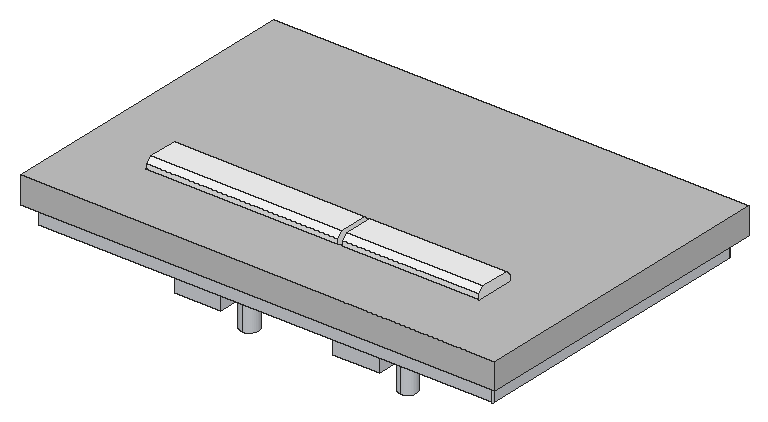
Revit family "Reece_Toilet_Geberit_Sigma50_Flush Button", category Plumbing Fixtures, host Face, Revit 2018
Family settings
  Host = Face
  Round Connector Dimension = Use Diameter
  Part Type = Normal
  Cut with Voids When Loaded = No
  Shared = Yes
  Room Calculation Point = Yes
Parameters (values of type "164 mm x 246 mm_Metal_Brushed Stainless Steel")
  Waste Connection = no
  WFU = 0  # constant formula
  Vent Connection = no
  URL = "https://www.reece.com.au/product/-9509308"
  Type Comments = "Cistern Buttons\r\n"
  Reece_Product_Web Page = "https://www.reece.com.au/product/-9509308"
  Reece_Product_Type = "Cistern Buttons\r\n"  # constant formula
  Reece_Product_Sub Brand = "Sigma50\r\n"  # constant formula
  Reece_Product_Number = "9509308"
  Reece_Product_Mount = "Wall Mounted"
  Reece_Product_Description = "Geberit Sigma50 Dual Flush Plate Brushed Stainless Steel"
  Reece_Product_Brand = "Geberit\r\n"  # constant formula
  Reece_Plate Colour = not(Reece_No Colour)  # no
  Reece_Overall_Width = 246 mm  # constant formula
  Reece_Overall_Height = 164 mm  # constant formula
  Reece_No Colour = yes
  Reece_Material_Secondary = Reece_Brass_Chrome
  Reece_Material_Main = Reece_Brass_Brushed Stainless Steel
  Reece_Material_Colour = Reece_Brass_Brushed Stainless Steel
  Reece_Detail_Shape = ""
  Reece_Detail_Disclaimer = "THIS FILE IS THE PROPERTY OF THE REECE GROUP. IT MAY NOT BE REPRODUCED, REVERSE-ENGINEERED OR MODIFIED. ANY REPUBLICATION, TRANSMISSION OR DISTRIBUTION FOR THE PURPOSE OF COMMERCIALLY EXPLOITING THE FILES IS PROHIBITED."  # constant formula
  Reece_Detail_Additional = "Cistern Button / Plate\r\n"  # constant formula
  Model = "Sigma50\r\n"
  Manufacturer = "Geberit\r\n"
  Keynote = "Product #9509308, Reece_Toilet_Geberit_Sigma50_Flush Button - 164 mm x 246 mm_Metal_Brushed Stainless Steel"
  HWFU = 0  # constant formula
  HW Connection = no
  Disclaimer = "THIS FILE IS THE PROPERTY OF THE REECE GROUP. IT MAY NOT BE REPRODUCED, REVERSE-ENGINEERED OR MODIFIED. ANY REPUBLICATION, TRANSMISSION OR DISTRIBUTION FOR THE PURPOSE OF COMMERCIALLY EXPLOITING THE FILES IS PROHIBITED."  # constant formula
  Description = "Dual Flush Plate Brushed Stainless Steel"
  Default Elevation = 1000 mm
  CWFU = 0  # constant formula
  CW Connection = no
Types (2, lengths in mm): name | URL | Reece_Product_Web Page | Reece_Product_Number | Reece_Product_Description | Reece_Material_Main | Reece_Material_Colour | Keynote | Description
  164 mm x 246 mm_Metal_Chrome | "https://www.reece.com.au/product/-9509307" | "https://www.reece.com.au/product/-9509307" | "9509307" | "Geberit Sigma50 Dual Flush Plate Chrome" | Reece_Brass_Chrome | Reece_Brass_Chrome | "Product #9509307, Reece_Toilet_Geberit_Sigma50_Flush Button - 164 mm x 246 mm_Metal_Chrome" | "Dual Flush Plate Chrome"
  164 mm x 246 mm_Metal_Brushed Stainless Steel | "https://www.reece.com.au/product/-9509308" | "https://www.reece.com.au/product/-9509308" | "9509308" | "Geberit Sigma50 Dual Flush Plate Brushed Stainless Steel" | Reece_Brass_Brushed Stainless Steel | Reece_Brass_Brushed Stainless Steel | "Product #9509308, Reece_Toilet_Geberit_Sigma50_Flush Button - 164 mm x 246 mm_Metal_Brushed Stainless Steel" | "Dual Flush Plate Brushed Stainless Steel"
Reference planes
  plane 1 "Center (Front/Back)": y = 0
  plane 2 "Bottom": z = 0
  plane 3 "Center (Left/Right)": x = 0
  plane 4 "Top": z = 13.6
  plane 5: x = -120
  plane 6: x = 126
  plane 7: y = 78
  plane 8: y = -86
  plane 9: z = -48.403
  plane 10: x = -115
  plane 11: x = 121
  plane 12: y = -81
  plane 13: y = 73
  plane 14: x = -83
  plane 15: x = 89
  plane 16: z = 28.6
  plane 17: z = 18.6
  plane 18: y = -30
  plane 19: y = -50
  plane 20: x = 15.549
  plane 21: x = 18.5
  plane 22: y = -40
  plane 23: z = 6.8
  plane 24: x = -38
  plane 25: x = 44
Forms (mm)
  Extrusion 1, solid, material "Reece_Brass_Brushed Stainless Steel" <- "Reece_Material_Main"
    sketch origin (0, 0, 0) x (1, 0, 0) y (0, 1, 0)
      loop
        line (-115, -81) -> (121, -81) -> (121, 73) -> (-115, 73) -> (-115, -81)
    from 11.6 to 13.6
  Extrusion 2, void
    sketch origin (0, -1, 0) x (1, 0, 0) y (0, 1, 0)
      loop
        arc (-114.2, 74) -> (-114.766, 73.766) -> (-115, 73.2) r 0.8
        line (-115, 73.2) -> (-115, -79.2)
        arc (-115, -79.2) -> (-114.766, -79.766) -> (-114.2, -80) r 0.8
        line (-114.2, -80) -> (120.2, -80)
        arc (120.2, -80) -> (120.766, -79.766) -> (121, -79.2) r 0.8
        line (121, -79.2) -> (121, 73.2)
        arc (121, 73.2) -> (120.766, 73.766) -> (120.2, 74) r 0.8
        line (120.2, 74) -> (-114.2, 74)
    from 5.484 to -94.2
  Extrusion 3, void
    sketch origin (4, 0, -94.673) x (1, 0, 0) y (0, 1, 0)
      loop
        arc (-118.2, 73) -> (-118.766, 72.766) -> (-119, 72.2) r 0.8
        line (-119, 72.2) -> (-119, -80.2)
        arc (-119, -80.2) -> (-118.766, -80.766) -> (-118.2, -81) r 0.8
        line (-118.2, -81) -> (116.2, -81)
        arc (116.2, -81) -> (116.766, -80.766) -> (117, -80.2) r 0.8
        line (117, -80.2) -> (117, 72.2)
        arc (117, 72.2) -> (116.766, 72.766) -> (116.2, 73) r 0.8
        line (116.2, 73) -> (-118.2, 73)
    from 94.673 to 46.27
  Extrusion 4, void
    sketch origin (0, 0, 0) x (1, 0, 0) y (0, 1, 0)
      loop
        line (89.5, -29.5) -> (-83.5, -29.5) -> (-83.5, -50.5) -> (89.5, -50.5) -> (89.5, -29.5)
    from 9.449 to 13.6
  Revolve 5, solid
    sketch origin (-38, 77.2, 1219.2) x (0, 1, 0) y (0, 0, 1)
      loop
        line (-117.2, -1212.4) -> (-117.2, -1267.603) -> (-112.56, -1267.603) -> (-112.56, -1231.405) -> (-110.543, -1231.405) -> (-110.543, -1216.405) -> (-108.525, -1216.405) -> (-114.245, -1212.4) -> (-117.2, -1212.4)
      axis (-117.2, -1212.4) -> (-117.2, -1267.603)
    angle from 0 to 360
  Extrusion 6, solid
    sketch origin (0, 0, 0) x (1, 0, 0) y (0, 1, 0)
      loop
        line (120.2, 73) -> (-114.2, 73)
        arc (-114.2, 73) -> (-114.766, 72.766) -> (-115, 72.2) r 0.8
        line (-115, 72.2) -> (-115, -80.2)
        arc (-115, -80.2) -> (-114.766, -80.766) -> (-114.2, -81) r 0.8
        line (-114.2, -81) -> (120.2, -81)
        arc (120.2, -81) -> (120.766, -80.766) -> (121, -80.2) r 0.8
        line (121, -80.2) -> (121, 72.2)
        arc (121, 72.2) -> (120.766, 72.766) -> (120.2, 73) r 0.8
      loop
        line (104, 58) -> (-98, 58)
        arc (-98, 58) -> (-99.414, 57.414) -> (-100, 56) r 2
        line (-100, 56) -> (-100, -64)
        arc (-100, -64) -> (-99.414, -65.414) -> (-98, -66) r 2
        line (-98, -66) -> (104, -66)
        arc (104, -66) -> (105.414, -65.414) -> (106, -64) r 2
        line (106, -64) -> (106, 56)
        arc (106, 56) -> (105.414, 57.414) -> (104, 58) r 2
    from -9.6 to 0
  Extrusion 7, solid
    sketch origin (0, 0, 0) x (0, 1, 0) y (0, 0, 1)
      loop
        line (63, -9.6) -> (57.124, -15.476) -> (48.876, -15.476) -> (45.461, -12.061) -> (30.539, -12.061) -> (28, -14.6) -> (-34.756, -16.655) -> (-62.016, -16.655) -> (-69.071, -9.6) -> (-73.334, -9.6) -> (-73.334, -22.061) -> (65.424, -22.061) -> (65.424, -9.6) -> (63, -9.6)
    from -50 to -48.021
  Extrusion 8, solid
    sketch origin (-76, 0, 0) x (0, 1, 0) y (0, 0, -1)
      loop
        line (63, 9.6) -> (65.424, 9.6) -> (65.424, 22.061) -> (-73.334, 22.061) -> (-73.334, 9.6) -> (-69.071, 9.6) -> (-62.016, 16.655) -> (-34.756, 16.655) -> (28, 14.6) -> (30.539, 12.061) -> (45.461, 12.061) -> (48.876, 15.476) -> (57.124, 15.476) -> (63, 9.6)
    from -50 to -48.021
  Extrusion 9, solid
    sketch origin (0, 0, 0) x (0, 1, 0) y (0, 0, 1)
      loop
        line (-28.648, -19.861) -> (-58.81, -19.861) -> (-69.071, -9.6) -> (-73.334, -9.6) -> (-73.334, -22.061) -> (65.424, -22.061) -> (65.424, -9.6) -> (63, -9.6) -> (55.494, -17.106) -> (-28.648, -19.861)
    from -48.021 to -27.979
  Extrusion 10, void
    sketch origin (0, 0, 0) x (1, 0, 0) y (0, 1, 0)
      loop
        circle (-38, -40) r 6.6
    from -22.061 to -19.861
  Extrusion 11, solid
    sketch origin (0, 0, 0) x (0, 1, 0) y (0, 0, 1)
      loop
        line (65.424, -22.061) -> (65.424, -9.6) -> (63, -9.6) -> (55.494, -17.106) -> (-28.648, -19.861) -> (-58.81, -19.861) -> (-69.071, -9.6) -> (-73.334, -9.6) -> (-73.334, -22.061) -> (65.424, -22.061)
    from 32 to 56
  Revolve 12, solid
    sketch origin (44, 77.2, 1219.2) x (0, 1, 0) y (0, 0, 1)
      loop
        line (-117.2, -1212.4) -> (-117.2, -1267.603) -> (-112.56, -1267.603) -> (-112.56, -1231.405) -> (-110.543, -1231.405) -> (-110.543, -1216.405) -> (-108.525, -1216.405) -> (-114.245, -1212.4) -> (-117.2, -1212.4)
      axis (-117.2, -1212.4) -> (-117.2, -1267.603)
    angle from 0 to 360
  Extrusion 13, void
    sketch origin (0, 0, 0) x (1, 0, 0) y (0, 1, 0)
      loop
        circle (44, -40) r 6.7
    from -22.061 to -19.861
  Extrusion 14, solid, material "Reece_Brass_Chrome" <- "Reece_Material_Secondary"
    sketch origin (0, 0, 0) x (0, 1, 0) y (0, 0, 1)
      loop
        line (-30, 9.449) -> (-30, 16.134) -> (-32.466, 18.6) -> (-47.506, 18.6) -> (-50, 16.106) -> (-50, 9.449) -> (-30, 9.449)
    from 18.5 to 89
  Extrusion 15, solid, material "Reece_Brass_Chrome" <- "Reece_Material_Secondary"
    sketch origin (-77.651, 0, 0) x (0, 1, 0) y (0, 0, 1)
      loop
        line (-30, 9.449) -> (-30, 16.134) -> (-32.466, 18.6) -> (-47.506, 18.6) -> (-50, 16.106) -> (-50, 9.449) -> (-30, 9.449)
    from -5.349 to 93.2
  Extrusion 16, solid
    sketch origin (0, 0, 0) x (1, 0, 0) y (0, 1, 0)
      loop
        line (-87.487, -50) -> (-87.487, -12.247)
        arc (-87.487, -12.247) -> (-86.923, -10.666) -> (-85.487, -9.798) r 2.5
        arc (-85.487, -9.798) -> (-77.487, 0) -> (-85.487, 9.798) r 10
        arc (-85.487, 9.798) -> (-86.923, 10.666) -> (-87.487, 12.247) r 2.5
        line (-87.487, 12.247) -> (-87.487, 58) -> (-98, 58)
        arc (-98, 58) -> (-99.414, 57.414) -> (-100, 56) r 2
        line (-100, 56) -> (-100, -64)
        arc (-100, -64) -> (-99.414, -65.414) -> (-98, -66) r 2
        line (-98, -66) -> (-71.467, -66) -> (-71.467, -58.458)
        arc (-71.467, -58.458) -> (-71.76, -57.751) -> (-72.467, -57.458) r 1
        line (-72.467, -57.458) -> (-79.967, -57.458) -> (-79.967, -56)
        arc (-79.967, -56) -> (-80.26, -55.293) -> (-80.967, -55) r 1
        line (-80.967, -55) -> (-82.467, -55)
        arc (-82.467, -55) -> (-84.234, -54.268) -> (-84.967, -52.5) r 2.5
        line (-84.967, -52.5) -> (-84.967, -51)
        arc (-84.967, -51) -> (-85.26, -50.293) -> (-85.967, -50) r 1
        line (-85.967, -50) -> (-87.487, -50)
      loop
        circle (-87.487, 0) r 7.5
      loop
        line (87.487, -50) -> (85.967, -50)
        arc (85.967, -50) -> (85.26, -50.293) -> (84.967, -51) r 1
        line (84.967, -51) -> (84.967, -52.5)
        arc (84.967, -52.5) -> (84.234, -54.268) -> (82.467, -55) r 2.5
        line (82.467, -55) -> (80.967, -55)
        arc (80.967, -55) -> (80.26, -55.293) -> (79.967, -56) r 1
        line (79.967, -56) -> (79.967, -57.458) -> (72.467, -57.458)
        arc (72.467, -57.458) -> (71.76, -57.751) -> (71.467, -58.458) r 1
        line (71.467, -58.458) -> (71.467, -66) -> (98, -66)
        arc (98, -66) -> (99.414, -65.414) -> (100, -64) r 2
        line (100, -64) -> (100, 56)
        arc (100, 56) -> (99.414, 57.414) -> (98, 58) r 2
        line (98, 58) -> (87.487, 58) -> (87.487, 12.247)
        arc (87.487, 12.247) -> (86.923, 10.666) -> (85.487, 9.798) r 2.5
        arc (85.487, 9.798) -> (77.487, 0) -> (85.487, -9.798) r 10
        arc (85.487, -9.798) -> (86.923, -10.666) -> (87.487, -12.247) r 2.5
        line (87.487, -12.247) -> (87.487, -50)
      loop
        circle (87.487, 0) r 7.5
    from -6.3 to -3.3
  Sweep 17, solid, material "Reece_Brass_Brushed Stainless Steel" <- "Reece_Material_Main"
    path origin (0, 0, 0) x (1, 0, 0) y (0, 1, 0)
      loop
        line (-120, 78) -> (-120, -86) -> (126, -86) -> (126, 78) -> (-120, 78)
    profile origin (-120, -4, 0) x (1, 0, 0) y (0, 0, 1)
      loop
        line (0, 0) -> (2, 0) -> (2, 11.6) -> (5, 11.6) -> (5, 13.6) -> (0, 13.6) -> (0, 0)
  Extrusion 18, solid, material "Reece_Brass_Brushed Stainless Steel" <- "Reece_Material_Colour", visible <- "Reece_Plate Colour"
    sketch origin (0, 0, 0) x (1, 0, 0) y (0, 1, 0)
      loop
        line (-118, -84) -> (124, -84) -> (124, 76) -> (-118, 76) -> (-118, -84)
      loop
        line (89.5, -29.5) -> (-83.5, -29.5) -> (-83.5, -50.5) -> (89.5, -50.5) -> (89.5, -29.5)
    from 0 to 11.6
Cuts and joins
  Extrusion 10 cuts Extrusion 9
  Extrusion 13 cuts Extrusion 11
  joined: Revolve 5, Extrusion 6, Extrusion 7, Extrusion 8, Extrusion 9, Extrusion 11, Revolve 12
  Extrusion 4 cuts Extrusion 1
  joined: Extrusion 1, Sweep 17
Text (mm)
  text "Reece Copyright © 2018, Reece Ltd." at (60.751, -237.255, 0), in view "Ref. Level"
  text "Reece ©" at (42.688, 193.041, 128.132), in view "Reece Preview"
Dimensions and locks
  locked: plane 11 to plane 6 at 5
  locked: plane 5 to plane 10 at 5
  locked: plane 7 to plane 13 at 5
  locked: plane 8 to plane 12 at 5
  "Reece_Overall_Width": plane 5 to plane 6
  "Reece_Overall_Height": plane 7 to plane 8
  plane 16 to plane 4 "Top" to plane 2 "Bottom" = 15 mm, 13.6 mm
  aligned and locked: plane 2 "Bottom" to host face
  aligned and locked: level to host face
  aligned and locked: Extrusion 3 to plane 9
  aligned and locked: level to Extrusion 3
  aligned and locked: Extrusion 9 to Extrusion 8
  aligned and locked: Extrusion 9 to Extrusion 7
  aligned and locked: Extrusion 7 to Extrusion 10
  aligned and locked: Extrusion 9 to Extrusion 10
  aligned and locked: plane 9 to Revolve 5
Automatic sketch dimensions
  host sketch curve to host sketch curve = 380.785 mm
  host sketch curve to host sketch curve = 317.421 mm
  Extrusion 2 sketch curve to plane 10 = 0 mm
  plane 12 to Extrusion 2 sketch curve = 0 mm
  Extrusion 2 sketch curve to plane 13 = 0 mm
  Extrusion 2 sketch curve to plane 11 = 0 mm
  Extrusion 2 sketch curve to plane 10 = 0.8 mm
  Extrusion 2 sketch curve to Extrusion 2 sketch curve = 0.8 mm
  Extrusion 2 sketch curve to plane 11 = 0.8 mm  (x2)
  Extrusion 3 sketch curve to plane 10 = 0 mm
  plane 12 to Extrusion 3 sketch curve = 0 mm
  Extrusion 3 sketch curve to plane 13 = 0 mm
  Extrusion 3 sketch curve to plane 11 = 0 mm
  Extrusion 3 sketch curve to plane 10 = 0.8 mm
  Extrusion 3 sketch curve to Extrusion 3 sketch curve = 0.8 mm
  Extrusion 3 sketch curve to plane 11 = 0.8 mm  (x2)
  Revolve 5 sketch curve to plane 22 = 0 mm  (x2)
  Revolve 5 sketch curve to plane 23 = 0 mm
  Revolve 5 sketch curve to plane 9 = 0 mm
  Revolve 5 sketch curve to plane 22 = 2.955 mm
  Revolve 5 sketch curve to plane 22 = 4.64 mm
  Revolve 5 sketch curve to Revolve 5 sketch curve = 2.018 mm
  plane 18 to Revolve 5 sketch curve = 1.325 mm
  Revolve 5 sketch curve to level = 12.205 mm
  level to Revolve 5 sketch curve = 2.795 mm
  Revolve 5 sketch curve to plane 9 = 210.6 mm
  plane 16 to Revolve 5 sketch curve = 2409.8 mm
  Extrusion 6 sketch curve to plane 10 = 0 mm
  plane 12 to Extrusion 6 sketch curve = 0 mm
  Extrusion 6 sketch curve to plane 13 = 0 mm
  Extrusion 6 sketch curve to plane 11 = 0 mm
  Extrusion 6 sketch curve to plane 10 = 0.8 mm
  Extrusion 6 sketch curve to Extrusion 6 sketch curve = 0.8 mm  (x2)
  Extrusion 6 sketch curve to plane 10 = 15 mm
  Extrusion 6 sketch curve to Extrusion 6 sketch curve = 2 mm  (x3)
  plane 15 to Extrusion 6 sketch curve = 15 mm  (x2)
  Extrusion 6 sketch curve to plane 11 = 0.8 mm
  Extrusion 6 sketch curve to plane 12 = 15 mm
  Extrusion 6 sketch curve to plane 13 = 17 mm
  Extrusion 7 sketch curve to plane 12 = 7.666 mm
  Extrusion 7 sketch curve to Extrusion 7 sketch curve = 4.263 mm
  Extrusion 7 sketch curve to Extrusion 7 sketch curve = 7.055 mm
  plane 18 to Extrusion 7 sketch curve = 4.756 mm
  Extrusion 7 sketch curve to plane 1 "Center (Front/Back)" = 28 mm
  Extrusion 7 sketch curve to level = 12.061 mm
  Extrusion 7 sketch curve to Extrusion 7 sketch curve = 2.539 mm  (x2)
  Extrusion 7 sketch curve to Extrusion 7 sketch curve = 14.922 mm
  Extrusion 7 sketch curve to Extrusion 7 sketch curve = 3.414 mm  (x2)
  Extrusion 7 sketch curve to Extrusion 7 sketch curve = 8.249 mm
  Extrusion 7 sketch curve to Extrusion 7 sketch curve = 5.876 mm  (x2)
  Extrusion 7 sketch curve to Extrusion 7 sketch curve = 2.424 mm
  Extrusion 7 sketch curve to level = 16.655 mm
  Extrusion 7 sketch curve to Extrusion 7 sketch curve = 6.586 mm
  Extrusion 7 sketch curve to level = 9.6 mm
  Extrusion 8 sketch curve to plane 12 = 7.666 mm
  Extrusion 8 sketch curve to Extrusion 8 sketch curve = 4.263 mm
  Extrusion 8 sketch curve to Extrusion 8 sketch curve = 7.055 mm  (x2)
  plane 18 to Extrusion 8 sketch curve = 4.756 mm
  Extrusion 8 sketch curve to plane 1 "Center (Front/Back)" = 28 mm
  Extrusion 8 sketch curve to level = 12.061 mm
  Extrusion 8 sketch curve to Extrusion 8 sketch curve = 2.539 mm  (x2)
  Extrusion 8 sketch curve to Extrusion 8 sketch curve = 14.922 mm
  Extrusion 8 sketch curve to Extrusion 8 sketch curve = 3.414 mm  (x2)
  Extrusion 8 sketch curve to Extrusion 8 sketch curve = 8.249 mm
  Extrusion 8 sketch curve to Extrusion 8 sketch curve = 5.876 mm
  Extrusion 8 sketch curve to Extrusion 8 sketch curve = 2.424 mm
  Extrusion 8 sketch curve to level = 9.6 mm  (x2)
  Extrusion 8 sketch curve to Extrusion 8 sketch curve = 6.586 mm
  Extrusion 9 sketch curve to plane 12 = 7.666 mm
  Extrusion 9 sketch curve to Extrusion 9 sketch curve = 4.263 mm
  plane 19 to Extrusion 9 sketch curve = 8.81 mm
  Extrusion 9 sketch curve to plane 18 = 1.352 mm
  Extrusion 9 sketch curve to plane 13 = 17.506 mm
  Extrusion 9 sketch curve to plane 13 = 10 mm
  Extrusion 9 sketch curve to plane 13 = 7.576 mm
  Extrusion 9 sketch curve to level = 22.061 mm
  Extrusion 9 sketch curve to Extrusion 9 sketch curve = 2.2 mm
  Extrusion 9 sketch curve to Extrusion 9 sketch curve = 4.955 mm
  Extrusion 9 sketch curve to level = 9.6 mm  (x2)
  plane 22 to Extrusion 10 sketch curve = 0 mm
  Extrusion 10 sketch curve to plane 24 = 0 mm
  Extrusion 11 sketch curve to plane 12 = 7.666 mm
  Extrusion 11 sketch curve to Extrusion 11 sketch curve = 4.263 mm
  plane 19 to Extrusion 11 sketch curve = 8.81 mm
  Extrusion 11 sketch curve to plane 18 = 1.352 mm
  Extrusion 11 sketch curve to plane 13 = 17.506 mm
  Extrusion 11 sketch curve to plane 13 = 10 mm
  Extrusion 11 sketch curve to plane 13 = 7.576 mm
  Extrusion 11 sketch curve to level = 22.061 mm
  Extrusion 11 sketch curve to level = 19.861 mm
  Extrusion 11 sketch curve to Extrusion 11 sketch curve = 4.955 mm
  Extrusion 11 sketch curve to level = 9.6 mm  (x2)
  Revolve 12 sketch curve to plane 22 = 0 mm  (x2)
  Revolve 12 sketch curve to plane 23 = 0 mm
  Revolve 12 sketch curve to plane 9 = 0 mm
  Revolve 12 sketch curve to Revolve 12 sketch curve = 2.955 mm
  Revolve 12 sketch curve to plane 22 = 4.64 mm
  Revolve 12 sketch curve to Revolve 12 sketch curve = 2.018 mm
  plane 18 to Revolve 12 sketch curve = 1.325 mm
  Revolve 12 sketch curve to level = 12.205 mm
  level to Revolve 12 sketch curve = 2.795 mm
  Revolve 12 sketch curve to plane 9 = 210.6 mm
  plane 16 to Revolve 12 sketch curve = 2409.8 mm
  plane 22 to Extrusion 13 sketch curve = 0 mm
  Extrusion 13 sketch curve to plane 25 = 0 mm
  Extrusion 14 sketch curve to plane 17 = 0 mm
  Extrusion 14 sketch curve to plane 4 "Top" = 4.151 mm
  Extrusion 14 sketch curve to plane 19 = 0 mm
  Extrusion 14 sketch curve to plane 19 = 2.494 mm
  Extrusion 14 sketch curve to plane 17 = 2.494 mm
  plane 18 to Extrusion 14 sketch curve = 2.466 mm
  Extrusion 14 sketch curve to plane 17 = 2.466 mm
  Extrusion 14 sketch curve to plane 18 = 0 mm
  Extrusion 15 sketch curve to plane 4 "Top" = 4.151 mm
  Extrusion 15 sketch curve to plane 19 = 0 mm
  Extrusion 15 sketch curve to plane 17 = 0 mm
  Extrusion 15 sketch curve to plane 18 = 0 mm
  Extrusion 15 sketch curve to plane 19 = 2.494 mm
  plane 18 to Extrusion 15 sketch curve = 2.466 mm
  Extrusion 15 sketch curve to plane 17 = 2.494 mm
  Extrusion 15 sketch curve to plane 17 = 2.466 mm
  Extrusion 4 sketch curve to plane 14 = 0.5 mm
  plane 15 to Extrusion 4 sketch curve = 0.5 mm
  plane 19 to Extrusion 4 sketch curve = 0.5 mm
  Extrusion 4 sketch curve to plane 18 = 0.5 mm
  Extrusion 16 sketch curve to Extrusion 16 sketch curve = 0 mm  (x6)
  plane 1 "Center (Front/Back)" to Extrusion 16 sketch curve = 0 mm  (x2)
  plane 19 to Extrusion 16 sketch curve = 0 mm  (x2)
  Extrusion 16 sketch curve to plane 10 = 15 mm
  Extrusion 16 sketch curve to Extrusion 16 sketch curve = 2 mm  (x3)
  Extrusion 16 sketch curve to plane 14 = 4.487 mm  (x3)
  Extrusion 16 sketch curve to Extrusion 16 sketch curve = 1.52 mm
  Extrusion 16 sketch curve to plane 14 = 1.987 mm  (x2)
  Extrusion 16 sketch curve to Extrusion 16 sketch curve = 1 mm  (x5)
  plane 14 to Extrusion 16 sketch curve = 0.533 mm
  Extrusion 16 sketch curve to Extrusion 16 sketch curve = 1.5 mm  (x3)
  Extrusion 16 sketch curve to Extrusion 16 sketch curve = 7.5 mm  (x2)
  Extrusion 16 sketch curve to plane 15 = 17.533 mm
  plane 19 to Extrusion 16 sketch curve = 1 mm
  Extrusion 16 sketch curve to Extrusion 16 sketch curve = 2.5 mm
  Extrusion 16 sketch curve to plane 15 = 4.013 mm  (x2)
  Extrusion 16 sketch curve to plane 15 = 1.513 mm  (x3)
  plane 15 to Extrusion 16 sketch curve = 9 mm  (x2)
  plane 19 to Extrusion 16 sketch curve = 2.5 mm
  plane 19 to Extrusion 16 sketch curve = 7.458 mm
  Extrusion 16 sketch curve to Extrusion 16 sketch curve = 1.458 mm
  plane 19 to Extrusion 16 sketch curve = 14 mm  (x2)
  Extrusion 16 sketch curve to Extrusion 16 sketch curve = 12.247 mm
  plane 1 "Center (Front/Back)" to Extrusion 16 sketch curve = 12.247 mm
  Extrusion 16 sketch curve to plane 1 "Center (Front/Back)" = 12.247 mm  (x2)
  Extrusion 16 sketch curve to plane 13 = 17 mm  (x2)
  Sweep 17 sketch curve to plane 5 = 0 mm
  Sweep 17 sketch curve to plane 7 = 0 mm
  plane 6 to Sweep 17 sketch curve = 0 mm
  Sweep 17 sketch curve to plane 8 = 0 mm
  profile plane to Sweep 17 sketch curve = 0 mm
  Sweep 17 sketch curve to level = 0 mm
  Sweep 17 sketch curve to profile plane = 2 mm
  Sweep 17 sketch curve to Sweep 17 sketch curve = 11.6 mm
  Sweep 17 sketch curve to Sweep 17 sketch curve = 2 mm
  Sweep 17 sketch curve to Sweep 17 sketch curve = 3 mm
  Extrusion 1 sketch curve to plane 10 = 0 mm
  Extrusion 1 sketch curve to plane 11 = 0 mm
  plane 12 to Extrusion 1 sketch curve = 0 mm
  Extrusion 1 sketch curve to plane 13 = 0 mm
  plane 5 to Extrusion 18 sketch curve = 2 mm
  Extrusion 18 sketch curve to plane 7 = 2 mm
  plane 6 to Extrusion 18 sketch curve = 2 mm
  Extrusion 18 sketch curve to plane 8 = 2 mm
  Extrusion 18 sketch curve to plane 14 = 0.5 mm
  Extrusion 18 sketch curve to plane 18 = 0.5 mm
  plane 19 to Extrusion 18 sketch curve = 0.5 mm
  plane 15 to Extrusion 18 sketch curve = 0.5 mm
  radius of Extrusion 10 sketch curve = 6.6 mm
  radius of Extrusion 13 sketch curve = 6.7 mm
  radius of Extrusion 16 sketch curve = 7.5 mm  (x2)
